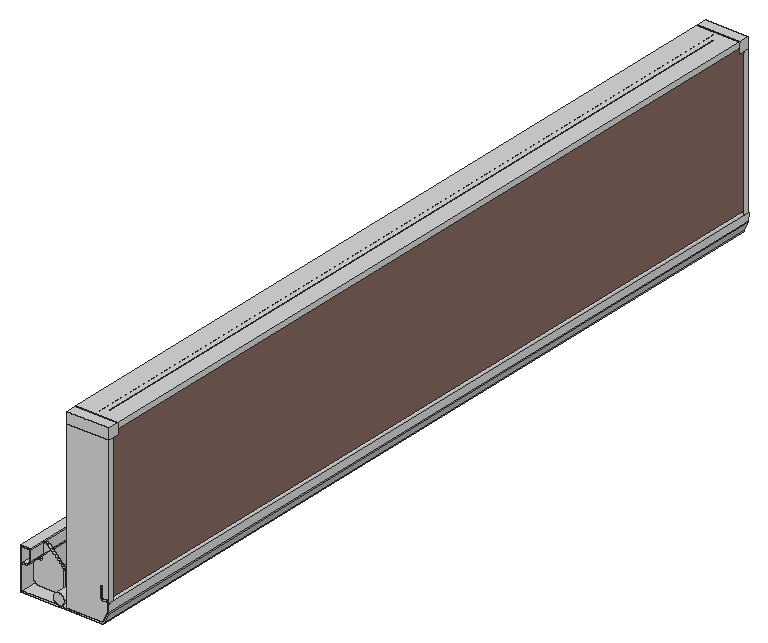
Revit family "ML_ML UNIVERSAL HINGED CORNER 6'_1920100", category Generic Models, Revit 2018
Family settings
  Can host rebar = No
  Round Connector Dimension = Use Diameter
  Part Type = Normal
  OmniClass Number = 35.51.14.00
  OmniClass Title = FORMWORK
  Work Plane-Based = Yes
  Always vertical = No
  Cut with Voids When Loaded = No
  Shared = Yes
  Room Calculation Point = No
Parameters
  VERSION = "20190101"  # constant formula
  URL = "www.ulmaconstruction.com/en"
  UNICLASS = ""
  REAL ANGLE [instance] = if(ANGLE < 5.00°, ANGLE, 5.00°)  # 0.00°
  ITEM_CODE = "1920100"
  Manufacturer = "ULMA CONSTRUCTION"  # constant formula
  ITEM_HEIGHT [instance] = 72"
  INSERTION POINT [instance] = if(CHANGE INSERTION SIDE, ITEM_HEIGHT, 0")  # 0"
  FILTER [instance] = ""
  Default Elevation = 0"
  CLASSIFICATION_TITLE = ""
  CLASSIFICATION_NUMBER = ""
  CHANGE INSERTION SIDE [instance] = no
  ANGLE [instance] = 0.00°
Reference planes (in)
  plane 1 "Centro (Frontal/Posterior)": y = 0
  plane 2: z = 0
  plane 3 "Centro (Izquierda/Derecha)": x = 0
  plane 4 "ITEM_HEIGHT": y = 72
  plane 5: x = -4.5
  plane 6 "INSERTION POINT": y = 0
  plane 7: z = 0.61024
  plane 8 "TIE HOLES 1": x = -6.5
  plane 9 "LATERAL HOLES 1": z = 1.5
Forms (in)
  Extrusion 1, solid, material "ULMA ZINC"
    sketch origin (-6, 0, 0) x (-1, 0, 0) y (0, 0, -1)
      loop
        line (-1.45276, -0.11811) -> (1.88189, -0.11811) -> (1.88189, -3.6811) -> (1.05512, -3.6811) -> (1.05512, -3.79921) -> (2, -3.79921) -> (2, 0) -> (-1.45276, 0) -> (-1.45276, -0.11811)
    from -72 to 0
  Extrusion 2, solid, material "ULMA ZINC", detail levels fine
    sketch origin (-6.03937, 0, 0.03937) x (1, 0, 0) y (0, 0, 1)
      loop
        arc (-1.11417, 2.69965) -> (-1.12167, 2.66198) -> (-1.143, 2.63005) r 0.09843
        line (-1.143, 2.63005) -> (-1.38202, 2.39103)
        arc (-1.38202, 2.39103) -> (-1.41395, 2.3697) -> (-1.45162, 2.3622) r 0.09843
        line (-1.45162, 2.3622) -> (-1.84252, 2.3622) -> (-1.84252, 2.26378) -> (-1.45162, 2.26378)
        arc (-1.45162, 2.26378) -> (-1.37629, 2.27876) -> (-1.31242, 2.32144) r 0.19685
        line (-1.31242, 2.32144) -> (-1.0734, 2.56045)
        arc (-1.0734, 2.56045) -> (-1.03073, 2.62432) -> (-1.01575, 2.69965) r 0.19685
        line (-1.01575, 2.69965) -> (-1.01575, 3.64173) -> (-1.11417, 3.64173) -> (-1.11417, 2.69965)
    from -72 to 0
  Extrusion 3, solid, material "ULMA ZINC"
    sketch origin (-4.5, 0, 0.45276) x (1, 0, 0) y (0, 0, 1)
      loop
        circle (0, 0.15748) r 0.49213
    from -72 to 0
  Extrusion 4, solid, material "ULMA ZINC", detail levels fine
    sketch origin (0, 0, 0) x (1, 0, 0) y (0, 0, 1)
      loop
        line (-5.2413, 2.39878) -> (-6.52642, 3.6839)
        arc (-6.52642, 3.6839) -> (-6.65415, 3.76924) -> (-6.80481, 3.79921) r 0.3937
        line (-6.80481, 3.79921) -> (-7.01575, 3.79921) -> (-7.01575, 2.24409) -> (-7.88189, 2.24409) -> (-7.88189, 0.51181) -> (-7.48819, 0.11811) -> (-5.12598, 0.11811) -> (-5.12598, 2.12039)
        arc (-5.12598, 2.12039) -> (-5.15595, 2.27105) -> (-5.2413, 2.39878) r 0.3937
    from -1.45669 to -1.29921
  Extrusion 5, solid, material "ULMA ZINC", detail levels fine
    sketch origin (0, 7.23047, 0) x (1, 0, 0) y (0, 1, 0)
      loop
        arc (-6.07087, 5.34372) -> (-5.2357, 5.68966) -> (-4.88976, 6.52482) r 1.1811
        line (-4.88976, 6.52482) -> (-4.88976, 8.69079) -> (-5.08661, 8.69079) -> (-5.08661, 6.52482)
        arc (-5.08661, 6.52482) -> (-5.37489, 5.82885) -> (-6.07087, 5.54057) r 0.98425
        line (-6.07087, 5.54057) -> (-7.05512, 5.54057) -> (-7.05512, 5.34372) -> (-6.07087, 5.34372)
    from 0.11811 to 3.79921
  Extrusion 6, solid, material "ULMA ZINC", detail levels fine
    sketch origin (0, 0, 0) x (1, 0, 0) y (0, 0, 1)
      loop
        line (-5.2413, 2.39878) -> (-6.52642, 3.6839)
        arc (-6.52642, 3.6839) -> (-6.65415, 3.76924) -> (-6.80481, 3.79921) r 0.3937
        line (-6.80481, 3.79921) -> (-7.01575, 3.79921) -> (-7.01575, 2.24409) -> (-7.88189, 2.24409) -> (-7.88189, 0.51181) -> (-7.48819, 0.11811) -> (-5.12598, 0.11811) -> (-5.12598, 2.12039)
        arc (-5.12598, 2.12039) -> (-5.15595, 2.27105) -> (-5.2413, 2.39878) r 0.3937
    from -28.87232 to -28.71484
  Extrusion 7, solid, material "ULMA ZINC", detail levels fine
    sketch origin (0, 0, 0) x (1, 0, 0) y (0, 0, 1)
      loop
        line (-5.2413, 2.39878) -> (-6.52642, 3.6839)
        arc (-6.52642, 3.6839) -> (-6.65415, 3.76924) -> (-6.80481, 3.79921) r 0.3937
        line (-6.80481, 3.79921) -> (-7.01575, 3.79921) -> (-7.01575, 2.24409) -> (-7.88189, 2.24409) -> (-7.88189, 0.51181) -> (-7.48819, 0.11811) -> (-5.12598, 0.11811) -> (-5.12598, 2.12039)
        arc (-5.12598, 2.12039) -> (-5.15595, 2.27105) -> (-5.2413, 2.39878) r 0.3937
    from -70.70079 to -70.54331
  Extrusion 8, solid, material "ULMA ZINC", detail levels fine
    sketch origin (0, 0, 0) x (1, 0, 0) y (0, 0, 1)
      loop
        line (-5.2413, 2.39878) -> (-6.52642, 3.6839)
        arc (-6.52642, 3.6839) -> (-6.65415, 3.76924) -> (-6.80481, 3.79921) r 0.3937
        line (-6.80481, 3.79921) -> (-7.01575, 3.79921) -> (-7.01575, 2.24409) -> (-7.88189, 2.24409) -> (-7.88189, 0.51181) -> (-7.48819, 0.11811) -> (-5.12598, 0.11811) -> (-5.12598, 2.12039)
        arc (-5.12598, 2.12039) -> (-5.15595, 2.27105) -> (-5.2413, 2.39878) r 0.3937
    from -43.28346 to -43.12598
  Extrusion 9, solid, material "ULMA ZINC", detail levels fine
    sketch origin (0, 0, 0) x (1, 0, 0) y (0, 0, 1)
      loop
        line (-4.59449, 3.79921) -> (-7.01575, 3.79921) -> (-7.01575, 2.24409) -> (-7.88189, 2.24409) -> (-7.88189, 0.51181) -> (-7.48819, 0.11811) -> (-5.06693, 0.11811) -> (-5.06693, 1.67323) -> (-4.20079, 1.67323) -> (-4.20079, 3.40551) -> (-4.59449, 3.79921)
    from -56.07936 to -55.92188
  Extrusion 10, solid, material "ULMA ZINC", detail levels fine
    sketch origin (0, 79.22896, 0) x (1, 0, 0) y (0, 1, 0)
      loop
        line (-6.07087, -19.80315) -> (-7.05512, -19.80315) -> (-7.05512, -20) -> (-6.07087, -20)
        arc (-6.07087, -20) -> (-5.37489, -20.28828) -> (-5.08661, -20.98425) r 0.98425
        line (-5.08661, -20.98425) -> (-5.08661, -23.14961) -> (-4.88976, -23.14961) -> (-4.88976, -20.98425)
        arc (-4.88976, -20.98425) -> (-5.2357, -20.14909) -> (-6.07087, -19.80315) r 1.1811
    from 0.11811 to 3.79921
  Extrusion 11, solid, material "ULMA ZINC", detail levels fine
    sketch origin (0.26575, 0, 0) x (1, 0, 0) y (0, 0, 1)
      loop
        line (-4.59449, 3.79921) -> (-7.01575, 3.79921) -> (-7.01575, 2.24409) -> (-7.88189, 2.24409) -> (-7.88189, 0.51181) -> (-7.48819, 0.11811) -> (-5.06693, 0.11811) -> (-5.06693, 1.67323) -> (-4.20079, 1.67323) -> (-4.20079, 3.40551) -> (-4.59449, 3.79921)
    from -16.07813 to -15.92064
Cuts and joins
  joined: Extrusion 2, Extrusion 4
Lines and regions (in)
  model lines, style "ULMA PANELS", detail levels fine
    curve 1: circle (-8, 6, 1.5) r 0.3937 normal (1, 0, 0)
    curve 2: circle (-7.88189, 6, 1.5) r 0.3937 normal (1, 0, 0)
    curve 3: circle (-7.88189, 18, 1.5) r 0.3937 normal (1, 0, 0)
    curve 4: circle (-7.88189, 30, 1.5) r 0.3937 normal (1, 0, 0)
    curve 5: circle (-7.88189, 42, 1.5) r 0.3937 normal (1, 0, 0)
    curve 6: circle (-8, 18, 1.5) r 0.3937 normal (1, 0, 0)
    curve 7: circle (-8, 30, 1.5) r 0.3937 normal (1, 0, 0)
    curve 8: circle (-8, 42, 1.5) r 0.3937 normal (1, 0, 0)
    curve 12: circle (-6.5, 58, 0) r 0.61024 normal (0, 0, 1)
    curve 13: circle (-6.5, 58, 0.11811) r 0.61024 normal (0, 0, 1)
    curve 14: circle (-6.5, 14, 0) r 0.61024 normal (0, 0, 1)
    curve 15: circle (-6.5, 14, 0.11811) r 0.61024 normal (0, 0, 1)
    curve 19: circle (-7.88189, 54, 1.5) r 0.3937 normal (1, 0, 0)
    curve 20: circle (-7.88189, 66, 1.5) r 0.3937 normal (1, 0, 0)
    curve 21: circle (-8, 54, 1.5) r 0.3937 normal (1, 0, 0)
    curve 22: circle (-8, 66, 1.5) r 0.3937 normal (1, 0, 0)
  model lines, style "ULMA PANELS", detail levels medium
    curve 9: line (-8, 0, 0) -> (-8, 0, 3.79921)
    curve 10: line (-8, 0, 3.79921) -> (-8, 72, 3.79921)
    curve 11: line (-8, 72, 3.79921) -> (-8, 72, 0)
  reference lines
    curve 16: line (-4.5, 0, 0.61024) -> (9.5, 0, 0.61024)
  model lines, style "ULMA REFERENCE", detail levels fine
    curve 17: circle (-6.5, 58, 3.79921) r 0.61024 normal (0, 0, 1)
    curve 18: circle (-6.5, 14, 3.79921) r 0.61024 normal (0, 0, 1)
Dimensions and locks (in)
  locked: plane 1 "Centro (Frontal/Posterior)" to plane 4 "ITEM_HEIGHT" at 72
  locked: plane 3 "Centro (Izquierda/Derecha)" to plane 5 at 4.5
  Extrusion 9 sketch curve to Extrusion 9 sketch curve = 0.86614"
  Extrusion 11 sketch curve to Extrusion 11 sketch curve = 0.86614"
  "INSERTION POINT": plane 1 "Centro (Frontal/Posterior)" to plane 6 "INSERTION POINT"
  locked: plane 7 to plane 2 at 0.61024
  locked: plane 8 "TIE HOLES 1" to plane 3 "Centro (Izquierda/Derecha)" at 6.5
  locked: plane 2 to plane 9 "LATERAL HOLES 1" at 1.5
  "REAL ANGLE": angle plane 2 to curve 16
  aligned and locked: plane 4 "ITEM_HEIGHT" to Extrusion 3
  aligned and locked: Extrusion 3 to Extrusion 1
  aligned and locked: Extrusion 1 to Extrusion 2
  aligned and locked: plane 5 to curve 16
  aligned and locked: plane 7 to curve 16
  aligned and locked: nested 1 to plane 1 "Centro (Frontal/Posterior)"
Automatic sketch dimensions
  Extrusion 1 sketch curve to level = 0"
  Extrusion 1 sketch curve to plane 5 = 0.04724"
  Extrusion 1 sketch curve to plane 5 = 2.55512"
  Extrusion 1 sketch curve to level = 0.11811"
  Extrusion 1 sketch curve to Extrusion 1 sketch curve = 3.33465"
  Extrusion 1 sketch curve to Extrusion 1 sketch curve = 0.11811"  (x2)
  Extrusion 1 sketch curve to Extrusion 1 sketch curve = 3.56299"
  Extrusion 2 sketch curve to Extrusion 2 sketch curve = 0"  (x4)
  plane 5 to Extrusion 2 sketch curve = 3.38189"
  Extrusion 2 sketch curve to Extrusion 2 sketch curve = 0.3909"
  Extrusion 2 sketch curve to Extrusion 2 sketch curve = 0.0696"  (x4)
  Extrusion 2 sketch curve to Extrusion 2 sketch curve = 0.23902"  (x2)
  Extrusion 2 sketch curve to Extrusion 2 sketch curve = 0.09843"  (x3)
  level to Extrusion 2 sketch curve = 2.30315"
  Extrusion 2 sketch curve to Extrusion 2 sketch curve = 0.05766"
  Extrusion 2 sketch curve to Extrusion 2 sketch curve = 0.94208"
  plane 5 to Extrusion 3 sketch curve = 0"
  level to Extrusion 3 sketch curve = 0.61024"
  level to Extrusion 4 sketch curve = 0.51181"
  plane 5 to Extrusion 4 sketch curve = 3.38189"
  level to Extrusion 4 sketch curve = 0.11811"
  Extrusion 4 sketch curve to Extrusion 4 sketch curve = 0.3937"
  Extrusion 4 sketch curve to Extrusion 4 sketch curve = 0.86614"
  Extrusion 4 sketch curve to Extrusion 4 sketch curve = 27/128"
  Extrusion 4 sketch curve to Extrusion 4 sketch curve = 0.27839"  (x3)
  plane 5 to Extrusion 4 sketch curve = 1.01969"
  plane 5 to Extrusion 4 sketch curve = 0.62598"
  Extrusion 4 sketch curve to Extrusion 4 sketch curve = 2.00228"
  Extrusion 4 sketch curve to Extrusion 4 sketch curve = 0.12371"
  Extrusion 4 sketch curve to Extrusion 4 sketch curve = 1.16142"
  Extrusion 5 sketch curve to Extrusion 5 sketch curve = 0.98425"  (x2)
  Extrusion 5 sketch curve to Extrusion 5 sketch curve = 0.19685"
  level to Extrusion 6 sketch curve = 0.51181"
  plane 5 to Extrusion 6 sketch curve = 3.38189"
  level to Extrusion 6 sketch curve = 0.11811"
  Extrusion 6 sketch curve to Extrusion 6 sketch curve = 0.3937"
  Extrusion 6 sketch curve to Extrusion 6 sketch curve = 0.86614"
  Extrusion 6 sketch curve to Extrusion 6 sketch curve = 27/128"
  Extrusion 6 sketch curve to Extrusion 6 sketch curve = 0.27839"  (x3)
  plane 5 to Extrusion 6 sketch curve = 1.01969"
  plane 5 to Extrusion 6 sketch curve = 0.62598"
  Extrusion 6 sketch curve to Extrusion 6 sketch curve = 2.00228"
  Extrusion 6 sketch curve to Extrusion 6 sketch curve = 0.12371"
  Extrusion 6 sketch curve to Extrusion 6 sketch curve = 1.16142"
  level to Extrusion 7 sketch curve = 0.51181"
  plane 5 to Extrusion 7 sketch curve = 3.38189"
  level to Extrusion 7 sketch curve = 0.11811"
  Extrusion 7 sketch curve to Extrusion 7 sketch curve = 0.3937"
  Extrusion 7 sketch curve to Extrusion 7 sketch curve = 0.86614"
  Extrusion 7 sketch curve to Extrusion 7 sketch curve = 27/128"
  Extrusion 7 sketch curve to Extrusion 7 sketch curve = 0.27839"  (x3)
  plane 5 to Extrusion 7 sketch curve = 1.01969"
  plane 5 to Extrusion 7 sketch curve = 0.62598"
  Extrusion 7 sketch curve to Extrusion 7 sketch curve = 2.00228"
  Extrusion 7 sketch curve to Extrusion 7 sketch curve = 0.12371"
  Extrusion 7 sketch curve to Extrusion 7 sketch curve = 1.16142"
  level to Extrusion 8 sketch curve = 0.51181"
  plane 5 to Extrusion 8 sketch curve = 3.38189"
  level to Extrusion 8 sketch curve = 0.11811"
  Extrusion 8 sketch curve to Extrusion 8 sketch curve = 0.3937"
  Extrusion 8 sketch curve to Extrusion 8 sketch curve = 0.86614"
  Extrusion 8 sketch curve to Extrusion 8 sketch curve = 27/128"
  Extrusion 8 sketch curve to Extrusion 8 sketch curve = 0.27839"  (x3)
  plane 5 to Extrusion 8 sketch curve = 1.01969"
  plane 5 to Extrusion 8 sketch curve = 0.62598"
  Extrusion 8 sketch curve to Extrusion 8 sketch curve = 2.00228"
  Extrusion 8 sketch curve to Extrusion 8 sketch curve = 0.12371"
  Extrusion 8 sketch curve to Extrusion 8 sketch curve = 1.16142"
  Extrusion 9 sketch curve to Extrusion 9 sketch curve = 0.3937"  (x3)
  Extrusion 9 sketch curve to Extrusion 9 sketch curve = 1.73228"  (x2)
  Extrusion 10 sketch curve to Extrusion 10 sketch curve = 0"  (x3)
  Extrusion 10 sketch curve to Extrusion 10 sketch curve = 0.98425"  (x2)
  Extrusion 10 sketch curve to Extrusion 10 sketch curve = 0.19685"
  Extrusion 9 sketch curve to Extrusion 9 sketch curve = 2.42126"
  Extrusion 9 sketch curve to Extrusion 9 sketch curve = 0.47244"
  Extrusion 9 sketch curve to Extrusion 9 sketch curve = 0.86614"
  Extrusion 9 sketch curve to Extrusion 9 sketch curve = 1.55512"
  curve 13 to Extrusion 10 = 0.55512"  (x2)
  Extrusion 10 to curve 13 = 1.22896"  (x2)
  Extrusion 5 to curve 15 = 0.55512"  (x3)
  curve 15 to Extrusion 5 = 1.22896"  (x3)
  Extrusion 5 sketch curve to Extrusion 5 sketch curve = 2.16597"
  Extrusion 5 sketch curve to Extrusion 5 sketch curve = 0"  (x3)
  Extrusion 11 sketch curve to Extrusion 11 sketch curve = 0.55678"  (x3)
  Extrusion 11 sketch curve to Extrusion 11 sketch curve = 2.42126"  (x2)
  Extrusion 11 sketch curve to Extrusion 11 sketch curve = 2.17785"
  Extrusion 11 sketch curve to Extrusion 11 sketch curve = 0.86614"  (x3)
  Extrusion 11 sketch curve to Extrusion 11 sketch curve = 1.78005"
  Extrusion 11 sketch curve to Extrusion 11 sketch curve = 1.73228"  (x4)
  Extrusion 11 sketch curve to Extrusion 11 sketch curve = 0.3937"  (x3)
  Extrusion 11 sketch curve to Extrusion 11 sketch curve = 1.55512"
  Extrusion 11 sketch curve to Extrusion 11 sketch curve = 0.47244"
  curve 9 to Extrusion 1 = 0"  (x3)
  curve 11 to Extrusion 1 = 0"  (x2)
  curve 14 to plane 8 "TIE HOLES 1" = 0"
  Extrusion 5 sketch curve to plane 8 "TIE HOLES 1" = 0.55512"
  Extrusion 11 sketch curve to plane 7 = 0.09843"
  Extrusion 11 sketch curve to plane 8 "TIE HOLES 1" = 1.11614"
  Extrusion 1 to curve 18 = 0.55512"
  Extrusion 1 to curve 18 = 14"
  plane 9 "LATERAL HOLES 1" to curve 6 = 0"
  plane 9 "LATERAL HOLES 1" to curve 1 = 0"
  curve 1 to plane 1 "Centro (Frontal/Posterior)" = 6"
  plane 9 "LATERAL HOLES 1" to curve 7 = 0"
  plane 9 "LATERAL HOLES 1" to curve 8 = 0"
  plane 9 "LATERAL HOLES 1" to curve 21 = 0"
  plane 9 "LATERAL HOLES 1" to curve 22 = 0"
  curve 22 to plane 4 "ITEM_HEIGHT" = 6"
  plane 9 "LATERAL HOLES 1" to curve 2 = 0"
  curve 2 to plane 1 "Centro (Frontal/Posterior)" = 6"
  plane 9 "LATERAL HOLES 1" to curve 3 = 0"
  plane 9 "LATERAL HOLES 1" to curve 4 = 0"
  plane 9 "LATERAL HOLES 1" to curve 5 = 0"
  plane 9 "LATERAL HOLES 1" to curve 19 = 0"
  plane 9 "LATERAL HOLES 1" to curve 20 = 0"
  curve 20 to plane 4 "ITEM_HEIGHT" = 6"
  curve 12 to plane 8 "TIE HOLES 1" = 0"
  Extrusion 9 sketch curve to plane 7 = 0.09843"
  Extrusion 9 sketch curve to plane 8 "TIE HOLES 1" = 1.38189"
  plane 8 "TIE HOLES 1" to Extrusion 10 sketch curve = 0.55512"
  Extrusion 1 to curve 17 = 0.55512"
  Extrusion 1 to curve 17 = 14"
  curve 21 to curve 8 = 12"
  curve 8 to curve 7 = 12"
  curve 3 to curve 4 = 12"
  curve 4 to curve 5 = 12"
  curve 14 to plane 1 "Centro (Frontal/Posterior)" = 14"
  Extrusion 5 sketch curve to plane 1 "Centro (Frontal/Posterior)" = 12.57419"
  curve 7 to curve 6 = 12"
  curve 2 to curve 3 = 12"
  curve 12 to plane 4 "ITEM_HEIGHT" = 14"
  plane 4 "ITEM_HEIGHT" to Extrusion 10 sketch curve = 12.57419"
  Extrusion 10 sketch curve to Extrusion 10 sketch curve = 2.16535"
  curve 22 to curve 21 = 12"
  curve 5 to curve 19 = 12"
  radius of curve 2 = 0.3937"  (x2)
  radius of curve 3 = 0.3937"  (x2)
  radius of curve 4 = 0.3937"  (x2)
  radius of curve 5 = 0.3937"  (x2)
  radius of curve 1 = 0.3937"  (x2)
  radius of curve 6 = 0.3937"  (x2)
  radius of curve 7 = 0.3937"  (x2)
  radius of curve 8 = 0.3937"  (x2)
  radius of Extrusion 3 sketch curve = 0.49213"
  radius of curve 12 = 0.61024"  (x2)
  radius of curve 13 = 0.61024"  (x2)
  radius of curve 14 = 0.61024"  (x2)
  radius of curve 15 = 0.61024"  (x3)
  radius of curve 17 = 0.61024"  (x2)
  radius of curve 18 = 0.61024"  (x2)
  radius of curve 19 = 0.3937"  (x2)
  radius of curve 20 = 0.3937"  (x2)
  radius of curve 21 = 0.3937"  (x2)
  radius of curve 22 = 0.3937"  (x2)
Nested families (in)
  nested 1: "MARCO G UNIVERSAL - 1920084_PANELS" at (-4.5, 72, 0.61024), type "MARCO G UNIVERSAL - 1920084_PANELS"
    with FILTER ""
Definition of nested family "MARCO G UNIVERSAL - 1920084_PANELS"
  Parameters (values of type "MARCO G UNIVERSAL - 1920084_PANELS")
    VERSION = "20190101"  # constant formula
    URL = "www.ulmaconstruction.com/en"
    UNICLASS = ""
    Manufacturer = "ULMA CONSTRUCTION"  # constant formula
    FILTER [instance] = ""
    Default Elevation = 0"
    CLASSIFICATION_TITLE = ""
    CLASSIFICATION_NUMBER = ""
  Reference planes (in)
    plane 1 "Centro (Frontal/Posterior)": y = 0
    plane 2: z = 0
    plane 3 "Centro (Izquierda/Derecha)": x = 0
    plane 4 "ITEM_HEIGHT": y = 72
    plane 5: y = 18
    plane 6: y = 54
    plane 7 "LATERAL HOLES": x = 3
    plane 8 "TIE HOLES": z = 13.88976
    plane 9: z = 12.88976
    plane 10: z = 10.88189
    plane 11: z = 8.88189
    plane 12: z = 6.88189
    plane 13: z = 4.88189
    plane 14: z = 12.88976
    plane 15: z = 10.88189
    plane 16: z = 8.88189
    plane 17: z = 6.88189
    plane 18: z = 4.88189
  Forms (in)
    Extrusion 1, solid, detail levels fine
      sketch origin (4.49989, 0, -13.27756) x (0, 1, 0) y (-1, 0, 0)
        loop
          line (0.47244, 0) -> (71.52756, 0) -> (71.52756, 0.64972) -> (0.47244, 0.64972) -> (0.47244, 0)
      from 14.83661 to 28.19488
    Extrusion 2, solid, detail levels fine
      sketch origin (3.12193, 48.00006, 29.38886) x (0, 0, -1) y (0, -1, 0)
        loop
          line (16.95276, -11.50775) -> (17.14961, -11.50775) -> (17.14961, -9.3424)
          arc (17.14961, -9.3424) -> (16.80367, -8.50723) -> (15.9685, -8.16129) r 1.1811
          line (15.9685, -8.16129) -> (14.98425, -8.16129) -> (14.98425, -8.35814) -> (15.9685, -8.35814)
          arc (15.9685, -8.35814) -> (16.66448, -8.64643) -> (16.95276, -9.3424) r 0.98425
          line (16.95276, -9.3424) -> (16.95276, -11.50775)
      from -0.72823 to 2.42126
    Extrusion 3, solid, detail levels fine
      sketch origin (-13.6694, 0, 4.22047) x (1, 0, 0) y (0, 0, 1)
        loop
          circle (15, 3.16929) r 0.3937
      from -11.50769 to -0.98425
    Extrusion 4, solid, detail levels fine
      sketch origin (9.72114, 0.00006, 29.38917) x (0, 0, -1) y (0, -1, 0)
        loop
          line (16.95276, -12.49213) -> (16.95276, -14.65748)
          arc (16.95276, -14.65748) -> (16.66448, -15.35345) -> (15.9685, -15.64173) r 0.98425
          line (15.9685, -15.64173) -> (14.98425, -15.64173) -> (14.98425, -15.83858) -> (15.9685, -15.83858)
          arc (15.9685, -15.83858) -> (16.80367, -15.49265) -> (17.14961, -14.65748) r 1.1811
          line (17.14961, -14.65748) -> (17.14961, -12.49213) -> (16.95276, -12.49213)
      from 5.87097 to 9.02046
    Extrusion 5, solid, detail levels fine
      sketch origin (0, 0, 0) x (1, 0, 0) y (0, 0, 1)
        loop
          line (0.04724, -0.49213) -> (0.04724, -0.61024) -> (3.88412, -0.61024)
          arc (3.88412, -0.61024) -> (4.01104, -0.57324) -> (4.09821, -0.47385) r 0.23622
          line (4.09821, -0.47385) -> (4.47787, 0.34033)
          arc (4.47787, 0.34033) -> (4.4944, 0.38904) -> (4.5, 0.44016) r 0.23622
          line (4.5, 0.44016) -> (4.5, 1.16535)
          arc (4.5, 1.16535) -> (4.43081, 1.33239) -> (4.26378, 1.40157) r 0.23622
          line (4.26378, 1.40157) -> (3.9685, 1.40157)
          arc (3.9685, 1.40157) -> (3.88499, 1.43617) -> (3.85039, 1.51969) r 0.11811
          line (3.85039, 1.51969) -> (3.85028, 2.39961) -> (3.73228, 2.39961) -> (3.73228, 1.51969)
          arc (3.73228, 1.51969) -> (3.80147, 1.35265) -> (3.9685, 1.28346) r 0.23622
          line (3.9685, 1.28346) -> (4.26378, 1.28346)
          arc (4.26378, 1.28346) -> (4.3473, 1.24887) -> (4.38189, 1.16535) r 0.11811
          line (4.38189, 1.16535) -> (4.38189, 0.44016)
          arc (4.38189, 0.44016) -> (4.37909, 0.4146) -> (4.37082, 0.39025) r 0.11811
          line (4.37082, 0.39025) -> (3.99117, -0.42393)
          arc (3.99117, -0.42393) -> (3.94758, -0.47363) -> (3.88412, -0.49213) r 0.11811
          line (3.88412, -0.49213) -> (0.04724, -0.49213)
      from -72 to 0
    Extrusion 6, solid, detail levels fine
      sketch origin (4.49989, 66.01575, 58.88976) x (0, 0, -1) y (1, 0, 0)
        loop
          line (43.5, 0) -> (43.5, -3.79921) -> (44.32736, -3.79921)
          arc (44.32736, -3.79921) -> (44.43872, -3.75309) -> (44.48484, -3.64173) r 0.15748
          line (44.48484, -3.64173) -> (44.48484, -2.6821)
          arc (44.48484, -2.6821) -> (44.47326, -2.62282) -> (44.44021, -2.57226) r 0.15748
          line (44.44021, -2.57226) -> (44.24381, -2.37047)
          arc (44.24381, -2.37047) -> (44.19221, -2.33523) -> (44.13096, -2.32283) r 0.15748
          line (44.13096, -2.32283) -> (43.77587, -2.32283)
          arc (43.77587, -2.32283) -> (43.71999, -2.29957) -> (43.69713, -2.24353) r 0.07874
          line (43.69713, -2.24353) -> (43.69713, -1.08193)
          arc (43.69713, -1.08193) -> (43.72527, -1.03996) -> (43.77314, -1.02374) r 0.07874
          line (43.77314, -1.02374) -> (44.32677, -1.02374)
          arc (44.32677, -1.02374) -> (44.43813, -0.97761) -> (44.48425, -0.86626) r 0.15748
          line (44.48425, -0.86626) -> (44.48425, -0.8072)
          arc (44.48425, -0.8072) -> (44.43813, -0.69584) -> (44.32677, -0.64972) r 0.15748
          line (44.32677, -0.64972) -> (43.97244, -0.64972) -> (43.97244, 0) -> (43.5, 0)
      from -5 to 65.0315
    Extrusion 7, solid, detail levels fine
      sketch origin (4.49977, 1.75591, -14.61811) x (0, 1, 0) y (-1, 0, 0)
        loop
          line (14.86614, 3.7991) -> (14.76772, 3.7991) -> (14.76772, 0.84634)
          arc (14.76772, 0.84634) -> (14.82537, 0.70715) -> (14.96457, 0.64949) r 0.19685
          line (14.96457, 0.64949) -> (17.52362, 0.64949)
          arc (17.52362, 0.64949) -> (17.66282, 0.70715) -> (17.72047, 0.84634) r 0.19685
          line (17.72047, 0.84634) -> (17.72047, 3.7991) -> (17.62205, 3.7991) -> (17.62205, 0.84634)
          arc (17.62205, 0.84634) -> (17.59322, 0.77675) -> (17.52362, 0.74792) r 0.09843
          line (17.52362, 0.74792) -> (14.96457, 0.74792)
          arc (14.96457, 0.74792) -> (14.89497, 0.77675) -> (14.86614, 0.84634) r 0.09843
          line (14.86614, 0.84634) -> (14.86614, 3.7991)
      from 14.12598 to 29.01575
    Extrusion 8, solid, detail levels fine
      sketch origin (4.49989, 55.22835, 8.20353) x (0, 1, 0) y (-1, 0, 0)
        loop
          line (5.26378, 3.79921) -> (4.27953, 3.79921) -> (4.27953, 0.64961) -> (5.26378, 0.64961) -> (5.26378, 3.79921)
      from -8.69566 to 6.20139
    Extrusion 9, solid, detail levels fine
      sketch origin (4.49977, 37.75591, -14.61811) x (0, 1, 0) y (-1, 0, 0)
        loop
          line (14.86614, 3.7991) -> (14.76772, 3.7991) -> (14.76772, 0.84634)
          arc (14.76772, 0.84634) -> (14.82537, 0.70715) -> (14.96457, 0.64949) r 0.19685
          line (14.96457, 0.64949) -> (17.52362, 0.64949)
          arc (17.52362, 0.64949) -> (17.66282, 0.70715) -> (17.72047, 0.84634) r 0.19685
          line (17.72047, 0.84634) -> (17.72047, 3.7991) -> (17.62205, 3.7991) -> (17.62205, 0.84634)
          arc (17.62205, 0.84634) -> (17.59322, 0.77675) -> (17.52362, 0.74792) r 0.09843
          line (17.52362, 0.74792) -> (14.96457, 0.74792)
          arc (14.96457, 0.74792) -> (14.89497, 0.77675) -> (14.86614, 0.84634) r 0.09843
          line (14.86614, 0.84634) -> (14.86614, 3.7991)
      from 14.12598 to 29.01575
    Extrusion 10, solid, detail levels fine
      sketch origin (-13.6694, 0, 4.22047) x (1, 0, 0) y (0, 0, 1)
        loop
          circle (15, 3.16929) r 0.3937
      from -71.01575 to -60.49231
    Extrusion 11, solid, detail levels fine
      sketch origin (4.49989, 7.22835, 8.20353) x (0, 1, 0) y (-1, 0, 0)
        loop
          line (5.26378, 3.79921) -> (4.27953, 3.79921) -> (4.27953, 0.64961) -> (5.26378, 0.64961) -> (5.26378, 3.79921)
      from -8.69566 to 6.20139
    Extrusion 12, void
      sketch origin (0, 0, 0) x (1, 0, 0) y (0, 0, 1)
        loop
          line (4.34252, 0.45276) -> (3.91855, -0.45644) -> (3.86254, -0.49213) -> (4.5, -0.49213) -> (4.5, 1.16142) -> (4.34252, 1.16142) -> (4.34252, 0.45276)
      from -72 to -71.52756
    Extrusion 13, void
      sketch origin (0, 48, 0) x (1, 0, 0) y (0, 0, -1)
        loop
          line (4.34252, -0.45276) -> (4.34252, -1.16142) -> (4.5, -1.16142) -> (4.5, 0.49213) -> (3.86254, 0.49213) -> (3.91855, 0.45644) -> (4.34252, -0.45276)
      from -48 to -47.52756
    Extrusion 14, solid, detail levels fine
      sketch origin (4.49989, 31.22835, 8.20353) x (0, 1, 0) y (-1, 0, 0)
        loop
          line (5.26378, 3.79921) -> (4.27953, 3.79921) -> (4.27953, 0.64961) -> (5.26378, 0.64961) -> (5.26378, 3.79921)
      from -8.69566 to 6.20139
    Extrusion 15, solid, detail levels fine
      sketch origin (4.49989, 6.01575, 15.38817) x (0, 0, -1) y (0, -1, 0)
        loop
          line (0.98265, 6.01575) -> (-0.0016, 6.01575) -> (-0.0016, 5.0315) -> (0.98265, 5.0315) -> (0.98265, 6.01575)
      from 0 to 3.79921
    Extrusion 16, solid, detail levels fine
      sketch origin (4.49989, -43.5, -12.02725) x (1, 0, 0) y (0, 1, 0)
        loop
          line (0, 43.5) -> (0, 43.97244) -> (-0.64972, 43.97244) -> (-0.64972, 44.32677)
          arc (-0.64972, 44.32677) -> (-0.69584, 44.43813) -> (-0.8072, 44.48425) r 0.15748
          line (-0.8072, 44.48425) -> (-0.86626, 44.48425)
          arc (-0.86626, 44.48425) -> (-0.97761, 44.43813) -> (-1.02374, 44.32677) r 0.15748
          line (-1.02374, 44.32677) -> (-1.02374, 43.77314)
          arc (-1.02374, 43.77314) -> (-1.03996, 43.72527) -> (-1.08193, 43.69713) r 0.07874
          line (-1.08193, 43.69713) -> (-2.24353, 43.69713)
          arc (-2.24353, 43.69713) -> (-2.29957, 43.71999) -> (-2.32283, 43.77587) r 0.07874
          line (-2.32283, 43.77587) -> (-2.32283, 44.13096)
          arc (-2.32283, 44.13096) -> (-2.33523, 44.19221) -> (-2.37047, 44.24381) r 0.15748
          line (-2.37047, 44.24381) -> (-2.57226, 44.44021)
          arc (-2.57226, 44.44021) -> (-2.62282, 44.47326) -> (-2.6821, 44.48484) r 0.15748
          line (-2.6821, 44.48484) -> (-3.64173, 44.48484)
          arc (-3.64173, 44.48484) -> (-3.75309, 44.43872) -> (-3.79921, 44.32736) r 0.15748
          line (-3.79921, 44.32736) -> (-3.79921, 43.5) -> (0, 43.5)
      from 11.53513 to 26.43217
    Extrusion 17, solid, detail levels fine
      sketch origin (4.49989, 105.01575, 15.38817) x (0, 0, -1) y (0, -1, 0)
        loop
          line (0.98265, 34) -> (-0.0016, 34) -> (-0.0016, 33.01575) -> (0.98265, 33.01575) -> (0.98265, 34)
      from 0 to 3.79921
    Extrusion 18, solid, detail levels fine
      sketch origin (4.49989, 139.5, 7.9685) x (0, -1, 0) y (1, 0, 0)
        loop
          line (67.5, 0) -> (67.5, -3.79921) -> (68.32736, -3.79921)
          arc (68.32736, -3.79921) -> (68.43872, -3.75309) -> (68.48484, -3.64173) r 0.15748
          line (68.48484, -3.64173) -> (68.48484, -2.6821)
          arc (68.48484, -2.6821) -> (68.47326, -2.62282) -> (68.44021, -2.57226) r 0.15748
          line (68.44021, -2.57226) -> (68.24381, -2.37047)
          arc (68.24381, -2.37047) -> (68.19221, -2.33523) -> (68.13096, -2.32283) r 0.15748
          line (68.13096, -2.32283) -> (67.77587, -2.32283)
          arc (67.77587, -2.32283) -> (67.71999, -2.29957) -> (67.69713, -2.24353) r 0.07874
          line (67.69713, -2.24353) -> (67.69713, -1.08193)
          arc (67.69713, -1.08193) -> (67.72527, -1.03996) -> (67.77314, -1.02374) r 0.07874
          line (67.77314, -1.02374) -> (68.32677, -1.02374)
          arc (68.32677, -1.02374) -> (68.43813, -0.97761) -> (68.48425, -0.86626) r 0.15748
          line (68.48425, -0.86626) -> (68.48425, -0.8072)
          arc (68.48425, -0.8072) -> (68.43813, -0.69584) -> (68.32677, -0.64972) r 0.15748
          line (68.32677, -0.64972) -> (67.97244, -0.64972) -> (67.97244, 0) -> (67.5, 0)
      from -8.46063 to 6.42913
    Extrusion 19, solid, detail levels coarse+medium
      sketch origin (0, 0, 0) x (0, 1, 0) y (0, 0, 1)
        loop
          line (72, 15.38976) -> (0, 15.38976) -> (0, -0.61024) -> (72, -0.61024) -> (72, 15.38976)
      from 0.70067 to 4.49989
  Cuts and joins
    Extrusion 13 cuts Extrusion 16
    Extrusion 12 cuts Extrusion 18
  Lines and regions (in)
    model lines, detail levels fine
      curve 1: circle (3.75185, 18, 4.88189) r 0.41339 normal (-1, 0, 0)
      curve 2: circle (3.75185, 18, 6.88189) r 0.41339 normal (-1, 0, 0)
      curve 3: circle (3.75185, 18, 8.88189) r 0.41339 normal (-1, 0, 0)
      curve 4: circle (3.75185, 18, 10.88189) r 0.41339 normal (-1, 0, 0)
      curve 5: circle (3.75185, 18.00219, 12.88976) r 0.41339 normal (-1, 0, 0)
      curve 6: circle (4.49977, 18, 4.88189) r 0.41339 normal (-1, 0, 0)
      curve 7: circle (4.49977, 18, 6.88189) r 0.41339 normal (-1, 0, 0)
      curve 8: circle (4.49977, 18, 8.88189) r 0.41339 normal (-1, 0, 0)
      curve 9: circle (4.49977, 18, 10.88189) r 0.41339 normal (-1, 0, 0)
      curve 10: circle (4.49977, 18.00219, 12.88976) r 0.41339 normal (-1, 0, 0)
      curve 11: circle (2.27548, 59.50787, 5.39704) r 0.43898 normal (0, -1, 0)
      curve 12: circle (2.27548, 59.50787, 9.39704) r 0.43898 normal (0, -1, 0)
      curve 13: circle (2.27548, 60.49213, 5.39704) r 0.43898 normal (0, -1, 0)
      curve 14: circle (2.27548, 60.49213, 9.39704) r 0.43898 normal (0, -1, 0)
      curve 15: circle (3.75185, 54, 4.88189) r 0.41339 normal (-1, 0, 0)
      curve 16: circle (3.75185, 54, 6.88189) r 0.41339 normal (-1, 0, 0)
      curve 17: circle (3.75185, 54, 8.88189) r 0.41339 normal (-1, 0, 0)
      curve 18: circle (3.75185, 54, 10.88189) r 0.41339 normal (-1, 0, 0)
      curve 19: circle (3.75185, 54.00219, 12.88976) r 0.41339 normal (-1, 0, 0)
      curve 20: circle (4.49977, 54, 4.88189) r 0.41339 normal (-1, 0, 0)
      curve 21: circle (4.49977, 54, 6.88189) r 0.41339 normal (-1, 0, 0)
      curve 22: circle (4.49977, 54, 8.88189) r 0.41339 normal (-1, 0, 0)
      curve 23: circle (4.49977, 54, 10.88189) r 0.41339 normal (-1, 0, 0)
      curve 24: circle (4.49977, 54.00219, 12.88976) r 0.41339 normal (-1, 0, 0)
      curve 25: circle (2.27548, 11.50787, 5.39704) r 0.43898 normal (0, -1, 0)
      curve 26: circle (2.27548, 11.50787, 9.39704) r 0.43898 normal (0, -1, 0)
      curve 27: circle (2.27548, 12.49213, 5.39704) r 0.43898 normal (0, -1, 0)
      curve 28: circle (2.27548, 12.49213, 9.39704) r 0.43898 normal (0, -1, 0)
      curve 29: circle (4.49989, 57.99994, 13.88976) r 0.79724 normal (1, 0, 0)
      curve 30: circle (3.85017, 57.99994, 13.88976) r 0.79724 normal (1, 0, 0)
      curve 31: circle (3.85017, 14.00006, 13.88976) r 0.79724 normal (1, 0, 0)
      curve 32: circle (4.49989, 14.00006, 13.88976) r 0.79724 normal (1, 0, 0)
      curve 33: circle (2.27548, 35.50787, 5.39704) r 0.43898 normal (0, -1, 0)
      curve 34: circle (2.27548, 35.50787, 9.39704) r 0.43898 normal (0, -1, 0)
      curve 35: circle (2.27548, 36.49213, 5.39704) r 0.43898 normal (0, -1, 0)
      curve 36: circle (2.27548, 36.49213, 9.39704) r 0.43898 normal (0, -1, 0)
      curve 37: circle (3, 0, 9.38976) r 0.3937 normal (0, -1, 0)
      curve 38: circle (3, 0, 5.38976) r 0.3937 normal (0, -1, 0)
      curve 39: circle (3, 72, 9.38976) r 0.3937 normal (0, -1, 0)
      curve 40: circle (3, 72, 5.38976) r 0.3937 normal (0, -1, 0)
      curve 41: circle (3, 6, 15.38976) r 0.3937 normal (0, 0, 1)
      curve 42: circle (3, 18, 15.38976) r 0.3937 normal (0, 0, 1)
      curve 43: circle (3, 30, 15.38976) r 0.3937 normal (0, 0, 1)
      curve 44: circle (3, 42, 15.38976) r 0.3937 normal (0, 0, 1)
      curve 45: circle (3, 6, 15.19264) r 0.3937 normal (0, 0, 1)
      curve 46: circle (3, 18, 15.19264) r 0.3937 normal (0, 0, 1)
      curve 47: circle (3, 30, 15.19264) r 0.3937 normal (0, 0, 1)
      curve 48: circle (3, 42, 15.19264) r 0.3937 normal (0, 0, 1)
      curve 49: circle (0.70067, 14.00006, 13.88976) r 0.79724 normal (1, 0, 0)
      curve 50: circle (0.70067, 57.99994, 13.88976) r 0.79724 normal (1, 0, 0)
      curve 51: circle (3, 54, 15.38976) r 0.3937 normal (0, 0, 1)
      curve 52: circle (3, 54, 15.19264) r 0.3937 normal (0, 0, 1)
      curve 53: circle (3, 66, 15.38976) r 0.3937 normal (0, 0, 1)
      curve 54: circle (3, 66, 15.19264) r 0.3937 normal (0, 0, 1)
    model lines
      curve 55: line (4.49977, 0, 4.88189) -> (3.85028, 0, 4.88189)
      curve 56: line (4.49977, 0, 6.88189) -> (3.85028, 0, 6.88189)
      curve 57: line (4.49977, 0, 8.88189) -> (3.85028, 0, 8.88189)
      curve 58: line (4.49977, 0, 10.88189) -> (3.85028, 0, 10.88189)
      curve 59: line (4.49977, 0, 12.88976) -> (3.85028, 0, 12.88976)
      curve 60: line (4.49977, 72, 4.88189) -> (3.85028, 72, 4.88189)
      curve 61: line (4.49977, 72, 6.88189) -> (3.85028, 72, 6.88189)
      curve 62: line (4.49977, 72, 8.88189) -> (3.85028, 72, 8.88189)
      curve 63: line (4.49977, 72, 10.88189) -> (3.85028, 72, 10.88189)
      curve 64: line (4.49977, 72, 12.88976) -> (3.85028, 72, 12.88976)
  Dimensions and locks (in)
    locked: plane 1 "Centro (Frontal/Posterior)" to plane 4 "ITEM_HEIGHT" at 72
    locked: Extrusion 7 sketch curve to Extrusion 7 sketch curve at 0.09843  (x2)
    locked: Extrusion 7 sketch curve to plane 5 at 1.37795
    locked: plane 5 to Extrusion 7 sketch curve at 1.37795
    locked: Extrusion 9 sketch curve to Extrusion 9 sketch curve at 0.09843  (x2)
    locked: Extrusion 9 sketch curve to plane 6 at 1.37795
    locked: plane 6 to Extrusion 9 sketch curve at 1.37795
    plane 1 "Centro (Frontal/Posterior)" to plane 4 "ITEM_HEIGHT" = 72"
    locked: Extrusion 16 sketch curve to Extrusion 16 sketch curve at 0.98484
    locked: Extrusion 16 sketch curve to Extrusion 16 sketch curve at 0.19713
    locked: Extrusion 16 sketch curve to Extrusion 16 sketch curve at 0.47244
    locked: Extrusion 16 sketch curve to Extrusion 16 sketch curve at 0.98425
    locked: Extrusion 18 sketch curve to Extrusion 18 sketch curve at 0.98484
    locked: Extrusion 18 sketch curve to Extrusion 18 sketch curve at 0.19713
    locked: Extrusion 18 sketch curve to Extrusion 18 sketch curve at 0.98425
    locked: Extrusion 18 sketch curve to Extrusion 18 sketch curve at 0.47244
    aligned and locked: plane 2 to level
    aligned and locked: plane 4 "ITEM_HEIGHT" to Extrusion 5
    aligned and locked: plane 1 "Centro (Frontal/Posterior)" to Extrusion 5
    aligned and locked: Extrusion 12 to Extrusion 1
    aligned and locked: Extrusion 6 to Extrusion 3
    aligned and locked: plane 1 "Centro (Frontal/Posterior)" to Extrusion 15
    aligned and locked: plane 1 "Centro (Frontal/Posterior)" to Extrusion 16
    aligned and locked: plane 4 "ITEM_HEIGHT" to Extrusion 17
    aligned and locked: plane 4 "ITEM_HEIGHT" to Extrusion 18
    aligned and locked: plane 4 "ITEM_HEIGHT" to Extrusion 12
